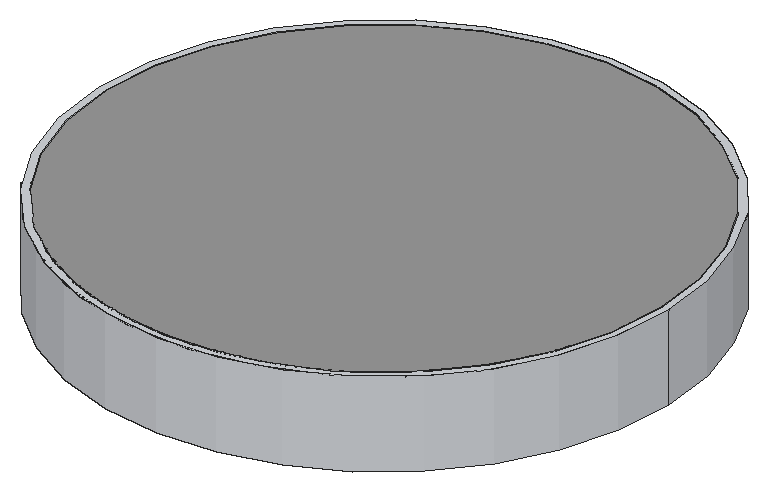
Revit family "2071131", category Lighting Fixtures, host Face, Revit 2018
Family settings
  Host = Face
  Round Connector Dimension = Use Diameter
  Part Type = Normal
  OmniClass Number = 23.80.70.00
  OmniClass Title = Lighting
  Cut with Voids When Loaded = No
  Light Source = Yes
  Shared = No
  Room Calculation Point = No
Parameters (values of type "2071131 COLOSSAL 400 830 OP DIR+H WHT")
  iner diameter = 390 mm
  Weight = "n/a"
  Wattage Comments = ""
  Wattage = 30 W
  WarrantyStartDate [instance] = "n/a"
  WarrantyGuarantorParts = "n/a"
  WarrantyDurationUnit = "n/a"
  WarrantyDurationParts = ""
  WarrantyDescription = "http://www.sylvania-lighting.com"
  built-in parameter 1150110 = 1 (stored number, unit not read)
  Voltage = 230 V
  URL = "0.95"
  TypeName = "COLOSSAL 400mm 830 OPAL DIR+HAL WHITE"
  Type Image = <None>
  Type Comments = "n/a"
  built-in parameter 1114217 = 1 (stored number, unit not read)
  Tilt Angle = -90.00°
  built-in parameter 1150109 = 1 (stored number, unit not read)
  built-in parameter 1150134 = (empty or 0)
  built-in parameter 1150113 = 1 (stored number, unit not read)
  SerialNumber [instance] = "n/a"
  Photometric Web File = "2071131.ies"
  Material_3_SYL = LED-Sylvania
  PowerFactor = 0
  PowerConsumption = "Lighting"
  NominalLength = 400 mm
  NominalHeight = 93 mm
  NominalDepth = 400 mm
  Name = "COLOSSAL 400mm 830 OPAL DIR+HAL WHITE"
  ModelReference = Name  # "COLOSSAL 400mm 830 OPAL DIR+HAL WHITE"
  ModelNumber = "2071131"
  Model = Name  # "COLOSSAL 400mm 830 OPAL DIR+HAL WHITE"
  Material = "Feilo Sylvania"
  ManufacturerName = "128 lm/W"
  Manufacturer = ""
  LuminousEfficacy = ""
  built-in parameter 1150105 = 270.44 (stored number, unit not read)
  Lumens = 3398.4 lm
  LuminaireType = "0"
  built-in parameter 1150115 = 1 (stored number, unit not read)
  LightOutputRatio = "LED"
  built-in parameter 1150137 = (empty or 0)
  built-in parameter 1150139 = (empty or 0)
  LampsType = Lamp  # "n/a"
  LampNominalLuminous = "3000 K"
  LampMacAdamStep = "80"
  LampColourTemperature = "LED"
  LampColourRenderingIndex = "16500"
  built-in parameter 1150112 = 1 (stored number, unit not read)
  built-in parameter 1150114 = 1 (stored number, unit not read)
  Lamp = "n/a"
  Keynote = "n/a"
  InstallationDate [instance] = "n/a"
  InputVoltage = "0"
  InputNominalFrequency = "3000"
  built-in parameter 1150132 = (empty or 0)
  built-in parameter 1150102 = (empty or 0)
  built-in parameter 1150107 = 3000 (stored number, unit not read)
  built-in parameter 1150138 = (empty or 0)
  IngressProtection = "IfcLightFixtureType"
  ImpactProtectionIndex = "IfcLightFixtureType"
  built-in parameter 1150106 = 2.7044 (stored number, unit not read)
  IfcExportType = "IfcLightFixtureType"
  IfcExportAs = "Class I"
  Emit from Circle Diameter = 385 mm
  Emit Shape Visible in Rendering = no
  ElectricShockClassification = "128"
  built-in parameter 1150104 = 10.524 (stored number, unit not read)
  DocumentationLiterature = "http://www.sylvania-lighting.com/product/en-int/products/2071131"
  DimmingControlOptions = "n/a"
  Material_2_SYL = Polycarbonate_Sylvania_White
  Dimming Lamp Color Temperature Shift = <None>
  Description = "400mm diameter circular architectural luminaire, can be surface mounted or suspended. Powder coated aluminium housing (RAL9016) with polycarbonate opal diffuser. Direct/indirect (halo) light distribution, 2550lm luminuous flux, 21W system power, 121lm/W luminiaire efficacy. Constant current driver. Colour rendering index Ra >80, 3000K Warm White LED, chromaticity tolerance of 3-step MacAdam ellipse. IP40, IK03. 450mA drive current. Electrical protection Class1, 220-240V. Reported lifetime 66k hours L90B10."
  Default Elevation = 1219.2 mm
  CreatedOn = "22/03/2022"
  CreatedBy = "@sylvania-lighting.com"
  Cost = 0
  Color Filter = 16777215
  built-in parameter 1114216 [instance] = (empty or 0)
  ClassificationValue = "EF_70_80"
  ClassificationName = "Uniclass2015"
  Material_1_SYL = Polycarbonate_Sylvania_Opal
  BarCode [instance] = "n/a"
  built-in parameter 1114218 = 1 (stored number, unit not read)
  built-in parameter 1150133 = 10 (stored number, unit not read)
  AssetType = "Fixed"
  AssetIdentifier [instance] = "n/a"
  Assembly Code = "D5020200"
  Apparent Load = 21 VA
  Material_4_SYL = none
Reference planes
  plane 1 "Center (Front/Back)": y = 0
  plane 2: z = 0
  plane 3 "Center (Left/Right)": x = 0
  plane 4: x = -200
  plane 5: x = 200
  plane 6: y = 200
  plane 7: y = -200
  plane 8: y = 236
  plane 9: y = -236
  plane 10: z = 93
  plane 11: y = 195
  plane 12: y = -195
  plane 13: y = 90.5
  plane 14: y = 144.5
  plane 15: through (52.25, 90.5, 1219.2) normal (0.866, 0.5, 0)
  plane 16: through (52.25, 90.5, 1219.2) normal (0.866, 0.5, 0)
  plane 17: through (63.706, 126.657, 1219.2) normal (0.866, 0.5, 0)
  plane 18: through (-104.5, 0, 1219.2) normal (-0.866, 0.5, 0)
  plane 19: through (-142.394, -9.633, 1219.2) normal (-0.866, 0.5, 0)
  plane 20: y = -90.5
  plane 21: y = -118.5
  plane 22: through (85.371, -141.133, 1219.2) normal (-0.866, 0.5, 0)
  plane 23: through (52.25, -90.5, 1219.2) normal (-0.866, 0.5, 0)
  plane 24: through (-161.658, 0, 1219.2) normal (0.866, 0.5, 0)
  plane 25: through (-172.12, 9.121, 1219.2) normal (0.866, 0.5, 0)
  plane 26: through (-104.5, 0, 1219.2) normal (0.866, 0.5, 0)
Forms (mm)
  Extrusion 1, solid, detail levels medium+fine
    sketch origin (0, 0, 0) x (1, 0, 0) y (0, 1, 0)
      loop
        circle (0, 0) r 200
    from 33.023 to 93
  Extrusion 2, void
    sketch origin (0, 0, 0) x (1, 0, 0) y (0, 1, 0)
      loop
        circle (0, 0) r 195
    from 93 to 37.292
  Extrusion 3, solid, material "Glass, White, High Luminance", detail levels fine
    sketch origin (0, 0, 0) x (1, 0, 0) y (0, 1, 0)
      loop
        circle (0, 0) r 195
    from 88.026 to 93
  Extrusion 4, solid, detail levels coarse
    sketch origin (0, 0, 0) x (1, 0, 0) y (0, 1, 0)
      loop
        line (-200, 200) -> (-200, -200) -> (200, -200) -> (200, 200) -> (-200, 200)
    from 0 to 93
  Blend 5, solid, detail levels medium+fine
    base sketch origin (0, 0, 0) x (1, 0, 0) y (0, 1, 0)
      loop
        line (-52.25, 90.5) -> (-104.5, 0) -> (-52.25, -90.5) -> (52.25, -90.5) -> (104.5, 0) -> (52.25, 90.5) -> (-52.25, 90.5)
    top sketch origin (0, 0, 0) x (1, 0, 0) y (0, 1, 0)
      loop
        line (-53.405, 144.5) -> (-149.245, -21.5) -> (-93.242, -118.5) -> (98.438, -118.5) -> (151.843, -26) -> (53.405, 144.5) -> (-53.405, 144.5)
    from 0 to 33.023
Cuts and joins
  Extrusion 2 cuts Extrusion 1
Dimensions and locks
  "NominalDepth": plane 6 to plane 7
  "NominalLength": plane 4 to plane 5
  equal spacing: plane 4, plane 3 "Center (Left/Right)", plane 5
  "iner diameter": plane 11 to plane 12
  equal spacing: plane 11, plane 1 "Center (Front/Back)", plane 12
  equal spacing: plane 6, plane 1 "Center (Front/Back)", plane 7
  "NominalHeight": plane 10 to level
  plane 19 to plane 18 = 28 mm
  radius of Extrusion 2 sketch curve = 195 mm
  aligned and locked: plane 2 to host face
  aligned and locked: level to host face
Automatic sketch dimensions
  host sketch curve to host sketch curve = 2438.4 mm  (x2)
  plane 1 "Center (Front/Back)" to Extrusion 1 sketch curve = 0 mm
  Extrusion 1 sketch curve to plane 3 "Center (Left/Right)" = 0 mm
  plane 1 "Center (Front/Back)" to Extrusion 2 sketch curve = 0 mm
  Extrusion 2 sketch curve to plane 3 "Center (Left/Right)" = 0 mm
  plane 1 "Center (Front/Back)" to Extrusion 3 sketch curve = 0 mm
  Extrusion 3 sketch curve to plane 3 "Center (Left/Right)" = 0 mm
  Extrusion 4 sketch curve to plane 4 = 0 mm
  Extrusion 4 sketch curve to plane 5 = 0 mm
  Extrusion 4 sketch curve to plane 7 = 0 mm
  Extrusion 4 sketch curve to plane 6 = 0 mm
  Blend 5 sketch curve to plane 19 = 0 mm  (x2)
  Blend 5 sketch curve to plane 24 = 0 mm  (x2)
  Blend 5 sketch curve to plane 21 = 0 mm
  Blend 5 sketch curve to plane 14 = 0 mm
  Blend 5 sketch curve to plane 17 = 0 mm  (x2)
  Blend 5 sketch curve to plane 22 = 0 mm  (x2)
  radius of Extrusion 1 sketch curve = 200 mm
  radius of Extrusion 3 sketch curve = 195 mm
Connectors
  electrical at (0, 0, 0), driven by "Apparent Load", driven by "PowerFactor", driven by "Voltage"
    settings: index 1, voltage 230 V, apparent load 21 VA, apparent load phase1 0 VA, apparent load phase2 0 VA, apparent load phase3 0 VA, power factor 0, load classification "Lighting", number of poles 1, system type 30, power factor state 1, is connector primary yes, connector utility no, sub classification motor no, connector description ""
